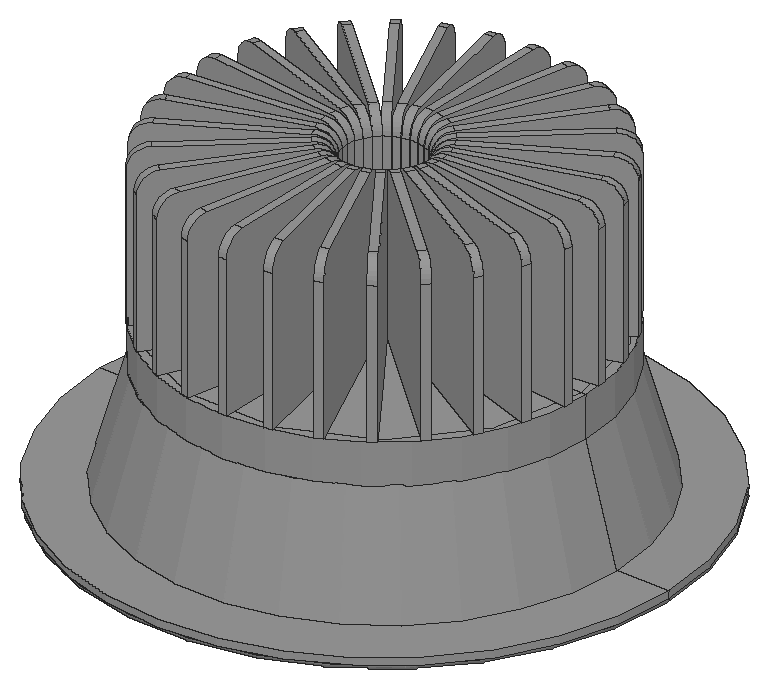
Revit family "WIL2_63_UN_Downlighter_ETK", category Lighting Fixtures, Revit 2017 (continued)
Definition of nested family "WIL.2 - Lightsource"
  Types (8, lengths in mm): name | Wattage Comments | Wattage | built-in parameter 1150134 | Photometric Web File | built-in parameter 1150142 | built-in parameter 1150105 | Lumens | built-in parameter 1150107 | built-in parameter 1150106 | Apparent Load
    WIL.2300.10 - LED 18W / 2425lm / 3000K | "18W" | 16.3254 W | (empty or 0) | "WIL.2300.10.ies" | "IESNA:LM-63-2002\r\n[TEST] /2016\r\n[TESTLAB] ies2eulumdat.appspot.com\r\n[ISSUEDATE] 2020-11-13T14:09:38.084\r\n[MANUFAC] www.etk.nl\r\n[LUMCAT] WIL.2300.10\r\n[LUMINAIRE] WIL.2 LED 18W 3000K helder wit Ø145 IP43\r\n[LAMPCAT] LED\r\n[LAMP] LED\r\nTILT=NONE\r\n1\t1945\t1\t19\t72\t1\t2\t-0.088\t-0.088\t0.001\r\n1.0\t1.0\t18.00\r\n0\t 5\t 10\t 15\t 20\t 25\t 30\t 35\t 40\t 45\r\n50\t 55\t 60\t 65\t 70\t 75\t 80\t 85\t 90\r\n0\t 5\t 10\t 15\t 20\t 25\t 30\t 35\t 40\t 45\r\n50\t 55\t 60\t 65\t 70\t 75\t 80\t 85\t 90\t 95\r\n100\t 105\t 110\t 115\t 120\t 125\t 130\t 135\t 140\t 145\r\n150\t 155\t 160\t 165\t 170\t 175\t 180\t 185\t 190\t 195\r\n200\t 205\t 210\t 215\t 220\t 225\t 230\t 235\t 240\t 245\r\n250\t 255\t 260\t 265\t 270\t 275\t 280\t 285\t 290\t 295\r\n300\t 305\t 310\t 315\t 320\t 325\t 330\t 335\t 340\t 345\r\n350\t 355\r\n1697.7516\t1669.9576\t1595.2306\t1452.3704\t1264.8335\t1150.4286\t948.0902\t799.9591\t632.4751\t284.3785\r\n52.8068\t44.7739\t35.6324\t24.3514\t22.3092\t17.0382\t15.9101\t8.8109\t1.1476\r\n1697.7516\t1670.366\t1596.1448\t1451.3979\t1263.2581\t1148.5614\t948.985\t801.6707\t634.1867\t292.5475\r\n53.2736\t45.1823\t35.6324\t24.3125\t22.8538\t16.5908\t15.8518\t8.8109\t1.1476\r\n1697.7516\t1671.2218\t1597.0006\t1451.3979\t1262.8496\t1145.4688\t948.596\t803.1878\t635.9956\t301.0471\r\n53.7209\t45.5714\t36.4299\t24.3125\t22.7954\t17.0382\t16.2797\t9.2193\t1.1476\r\n1697.7516\t1670.8133\t1595.7363\t1451.4757\t1263.6471\t1144.2241\t947.6429\t804.2381\t636.8514\t308.3019\r\n54.1099\t46.4661\t36.8578\t24.721\t22.7954\t17.0382\t16.2797\t9.6472\t1.2253\r\n1697.7516\t1671.5524\t1596.1448\t1451.3979\t1263.3553\t1142.2596\t947.7013\t805.6579\t638.0961\t316.471\r\n54.9852\t46.4272\t37.2273\t25.0711\t22.8538\t17.4467\t17.1549\t9.6472\t1.2253\r\n1697.7516\t1671.5524\t1596.6505\t1451.8063\t1262.5579\t1143.6989\t947.7791\t806.7666\t638.6213\t323.3562\r\n56.3272\t47.3218\t38.5305\t25.5379\t23.2622\t17.3883\t16.727\t9.6472\t1.2253\r\n1697.7516\t1673.9448\t1598.8289\t1451.8842\t1261.4298\t1144.1268\t949.6852\t806.8443\t640.3718\t331.0585\r\n57.2414\t48.1971\t39.3279\t25.5379\t23.7485\t17.4467\t16.727\t9.6472\t1.1476\r\n1697.7516\t1674.7228\t1597.8953\t1451.0478\t1261.4298\t1145.8384\t951.9219\t808.2642\t641.2859\t338.7801\r\n57.6498\t49.0529\t39.6975\t26.2964\t22.7954\t17.8162\t17.116\t10.5225\t1.1476\r\n1697.7516\t1676.3177\t1598.8483\t1451.9425\t1263.083\t1148.2308\t951.9802\t808.3225\t641.3249\t342.8646\r\n58.1166\t49.4808\t40.1253\t25.4795\t23.2622\t17.8162\t17.1549\t10.0946\t1.556\r\n1697.7516\t1677.5625\t1598.4399\t1452.0203\t1262.7523\t1150.2535\t955.0923\t808.3225\t640.8969\t346.5795\r\n58.5445\t49.8892\t40.5533\t25.8296\t23.7485\t17.7579\t17.1549\t10.0946\t1.556\r\n1697.7516\t1679.1574\t1598.8483\t1452.0203\t1264.3278\t1154.7076\t957.3874\t807.953\t641.7917\t354.6513\r\n58.5445\t49.8892\t40.9228\t26.6465\t23.7485\t17.7773\t17.5439\t10.0362\t1.556\r\n1697.7516\t1678.3794\t1599.354\t1453.0317\t1265.5337\t1156.7304\t960.0715\t808.0113\t643.4643\t361.1476\r\n58.5056\t50.3366\t41.3702\t26.2381\t23.7485\t17.7773\t17.116\t10.0946\t1.556\r\n1697.7516\t1679.6047\t1599.3346\t1453.0706\t1266.0005\t1157.4112\t962.2888\t809.3728\t645.6622\t366.3797\r\n58.953\t50.745\t41.7397\t26.2381\t23.6901\t18.2052\t17.5828\t9.6472\t1.556\r\n1697.7516\t1680.7329\t1599.8209\t1455.4435\t1269.9683\t1160.1342\t963.5725\t811.4929\t646.4597\t368.8304\r\n59.4198\t51.1924\t42.5372\t26.6465\t24.6237\t18.1663\t17.9913\t10.0751\t1.556\r\n1697.7516\t1681.1997\t1598.9651\t1456.3576\t1271.6216\t1163.1683\t966.2371\t812.8739\t647.3543\t371.5923\r\n59.8671\t51.1924\t42.5372\t27.055\t24.1569\t18.6136\t18.0301\t9.6472\t1.1476\r\n1697.7516\t1683.7281\t1600.3265\t1457.3302\t1273.2165\t1167.2334\t969.3102\t813.9242\t649.8828\t373.654\r\n59.8282\t51.1924\t43.4513\t27.055\t24.6237\t18.1663\t17.9913\t10.0751\t1.1476\r\n1697.7516\t1682.4056\t1600.735\t1456.3576\t1275.6671\t1171.3374\t971.5858\t817.7753\t652.4502\t374.8793\r\n59.8282\t51.6203\t43.3929\t27.4829\t24.6237\t18.1663\t17.5439\t10.0751\t1.1476\r\n1697.7516\t1684.8563\t1602.0965\t1457.2523\t1277.651\t1175.3246\t973.7642\t820.5761\t653.2672\t374.8015\r\n59.8282\t51.6203\t42.965\t27.4245\t24.6432\t18.2052\t17.5439\t9.6472\t1.2253\r\n1697.7516\t1685.6926\t1603.0301\t1457.8358\t1280.8992\t1177.289\t976.4289\t821.6264\t654.123\t375.6379\r\n59.8282\t51.5814\t43.8209\t27.4245\t24.1569\t18.6136\t17.5439\t9.6472\t1.2253\r\n1697.7516\t1684.8563\t1602.0965\t1457.2523\t1277.651\t1175.3246\t973.7642\t820.5761\t653.2672\t374.8015\r\n59.8282\t51.6203\t42.965\t27.4245\t24.6432\t18.2052\t17.5439\t9.6472\t1.2253\r\n1697.7516\t1682.4056\t1600.735\t1456.3576\t1275.6671\t1171.3374\t971.5858\t817.7753\t652.4502\t374.8793\r\n59.8282\t51.6203\t43.3929\t27.4829\t24.6237\t18.1663\t17.5439\t10.0751\t1.1476\r\n1697.7516\t1683.7281\t1600.3265\t1457.3302\t1273.2165\t1167.2334\t969.3102\t813.9242\t649.8828\t373.654\r\n59.8282\t51.1924\t43.4513\t27.055\t24.6237\t18.1663\t17.9913\t10.0751\t1.1476\r\n1697.7516\t1681.1997\t1598.9651\t1456.3576\t1271.6216\t1163.1683\t966.2371\t812.8739\t647.3543\t371.5923\r\n59.8671\t51.1924\t42.5372\t27.055\t24.1569\t18.6136\t18.0301\t9.6472\t1.1476\r\n1697.7516\t1680.7329\t1599.8209\t1455.4435\t1269.9683\t1160.1342\t963.5725\t811.4929\t646.4597\t368.8304\r\n59.4198\t51.1924\t42.5372\t26.6465\t24.6237\t18.1663\t17.9913\t10.0751\t1.556\r\n1697.7516\t1679.6047\t1599.3346\t1453.0706\t1266.0005\t1157.4112\t962.2888\t809.3728\t645.6622\t366.3797\r\n58.953\t50.745\t41.7397\t26.2381\t23.6901\t18.2052\t17.5828\t9.6472\t1.556\r\n1697.7516\t1678.3794\t1599.354\t1453.0317\t1265.5337\t1156.7304\t960.0715\t808.0113\t643.4643\t361.1476\r\n58.5056\t50.3366\t41.3702\t26.2381\t23.7485\t17.7773\t17.116\t10.0946\t1.556\r\n1697.7516\t1679.1574\t1598.8483\t1452.0203\t1264.3278\t1154.7076\t957.3874\t807.953\t641.7917\t354.6513\r\n58.5445\t49.8892\t40.9228\t26.6465\t23.7485\t17.7773\t17.5439\t10.0362\t1.556\r\n1697.7516\t1677.5625\t1598.4399\t1452.0203\t1262.7523\t1150.2535\t955.0923\t808.3225\t640.8969\t346.5795\r\n58.5445\t49.8892\t40.5533\t25.8296\t23.7485\t17.7579\t17.1549\t10.0946\t1.556\r\n1697.7516\t1676.3177\t1598.8483\t1451.9425\t1263.083\t1148.2308\t951.9802\t808.3225\t641.3249\t342.8646\r\n58.1166\t49.4808\t40.1253\t25.4795\t23.2622\t17.8162\t17.1549\t10.0946\t1.556\r\n1697.7516\t1674.7228\t1597.8953\t1451.0478\t1261.4298\t1145.8384\t951.9219\t808.2642\t641.2859\t338.7801\r\n57.6498\t49.0529\t39.6975\t26.2964\t22.7954\t17.8162\t17.116\t10.5225\t1.1476\r\n1697.7516\t1673.9448\t1598.8289\t1451.8842\t1261.4298\t1144.1268\t949.6852\t806.8443\t640.3718\t331.0585\r\n57.2414\t48.1971\t39.3279\t25.5379\t23.7485\t17.4467\t16.727\t9.6472\t1.1476\r\n1697.7516\t1671.5524\t1596.6505\t1451.8063\t1262.5579\t1143.6989\t947.7791\t806.7666\t638.6213\t323.3562\r\n56.3272\t47.3218\t38.5305\t25.5379\t23.2622\t17.3883\t16.727\t9.6472\t1.2253\r\n1697.7516\t1671.5524\t1596.1448\t1451.3979\t1263.3553\t1142.2596\t947.7013\t805.6579\t638.0961\t316.471\r\n54.9852\t46.4272\t37.2273\t25.0711\t22.8538\t17.4467\t17.1549\t9.6472\t1.2253\r\n1697.7516\t1670.8133\t1595.7363\t1451.4757\t1263.6471\t1144.2241\t947.6429\t804.2381\t636.8514\t308.3019\r\n54.1099\t46.4661\t36.8578\t24.721\t22.7954\t17.0382\t16.2797\t9.6472\t1.2253\r\n1697.7516\t1671.2218\t1597.0006\t1451.3979\t1262.8496\t1145.4688\t948.596\t803.1878\t635.9956\t301.0471\r\n53.7209\t45.5714\t36.4299\t24.3125\t22.7954\t17.0382\t16.2797\t9.2193\t1.1476\r\n1697.7516\t1670.366\t1596.1448\t1451.3979\t1263.2581\t1148.5614\t948.985\t801.6707\t634.1867\t292.5475\r\n53.2736\t45.1823\t35.6324\t24.3125\t22.8538\t16.5908\t15.8518\t8.8109\t1.1476\r\n1697.7516\t1669.9576\t1595.2306\t1452.3704\t1264.8335\t1150.4286\t948.0902\t799.9591\t632.4751\t284.3785\r\n52.8068\t44.7739\t35.6324\t24.3514\t22.3092\t17.0382\t15.9101\t8.8109\t1.1476\r\n1697.7516\t1670.366\t1596.1448\t1451.3979\t1263.2581\t1148.5614\t948.985\t801.6707\t634.1867\t292.5475\r\n53.2736\t45.1823\t35.6324\t24.3125\t22.8538\t16.5908\t15.8518\t8.8109\t1.1476\r\n1697.7516\t1671.2218\t1597.0006\t1451.3979\t1262.8496\t1145.4688\t948.596\t803.1878\t635.9956\t301.0471\r\n53.7209\t45.5714\t36.4299\t24.3125\t22.7954\t17.0382\t16.2797\t9.2193\t1.1476\r\n1697.7516\t1670.8133\t1595.7363\t1451.4757\t1263.6471\t1144.2241\t947.6429\t804.2381\t636.8514\t308.3019\r\n54.1099\t46.4661\t36.8578\t24.721\t22.7954\t17.0382\t16.2797\t9.6472\t1.2253\r\n1697.7516\t1671.5524\t1596.1448\t1451.3979\t1263.3553\t1142.2596\t947.7013\t805.6579\t638.0961\t316.471\r\n54.9852\t46.4272\t37.2273\t25.0711\t22.8538\t17.4467\t17.1549\t9.6472\t1.2253\r\n1697.7516\t1671.5524\t1596.6505\t1451.8063\t1262.5579\t1143.6989\t947.7791\t806.7666\t638.6213\t323.3562\r\n56.3272\t47.3218\t38.5305\t25.5379\t23.2622\t17.3883\t16.727\t9.6472\t1.2253\r\n1697.7516\t1673.9448\t1598.8289\t1451.8842\t1261.4298\t1144.1268\t949.6852\t806.8443\t640.3718\t331.0585\r\n57.2414\t48.1971\t39.3279\t25.5379\t23.7485\t17.4467\t16.727\t9.6472\t1.1476\r\n1697.7516\t1674.7228\t1597.8953\t1451.0478\t1261.4298\t1145.8384\t951.9219\t808.2642\t641.2859\t338.7801\r\n57.6498\t49.0529\t39.6975\t26.2964\t22.7954\t17.8162\t17.116\t10.5225\t1.1476\r\n1697.7516\t1676.3177\t1598.8483\t1451.9425\t1263.083\t1148.2308\t951.9802\t808.3225\t641.3249\t342.8646\r\n58.1166\t49.4808\t40.1253\t25.4795\t23.2622\t17.8162\t17.1549\t10.0946\t1.556\r\n1697.7516\t1677.5625\t1598.4399\t1452.0203\t1262.7523\t1150.2535\t955.0923\t808.3225\t640.8969\t346.5795\r\n58.5445\t49.8892\t40.5533\t25.8296\t23.7485\t17.7579\t17.1549\t10.0946\t1.556\r\n1697.7516\t1679.1574\t1598.8483\t1452.0203\t1264.3278\t1154.7076\t957.3874\t807.953\t641.7917\t354.6513\r\n58.5445\t49.8892\t40.9228\t26.6465\t23.7485\t17.7773\t17.5439\t10.0362\t1.556\r\n1697.7516\t1678.3794\t1599.354\t1453.0317\t1265.5337\t1156.7304\t960.0715\t808.0113\t643.4643\t361.1476\r\n58.5056\t50.3366\t41.3702\t26.2381\t23.7485\t17.7773\t17.116\t10.0946\t1.556\r\n1697.7516\t1679.6047\t1599.3346\t1453.0706\t1266.0005\t1157.4112\t962.2888\t809.3728\t645.6622\t366.3797\r\n58.953\t50.745\t41.7397\t26.2381\t23.6901\t18.2052\t17.5828\t9.6472\t1.556\r\n1697.7516\t1680.7329\t1599.8209\t1455.4435\t1269.9683\t1160.1342\t963.5725\t811.4929\t646.4597\t368.8304\r\n59.4198\t51.1924\t42.5372\t26.6465\t24.6237\t18.1663\t17.9913\t10.0751\t1.556\r\n1697.7516\t1681.1997\t1598.9651\t1456.3576\t1271.6216\t1163.1683\t966.2371\t812.8739\t647.3543\t371.5923\r\n59.8671\t51.1924\t42.5372\t27.055\t24.1569\t18.6136\t18.0301\t9.6472\t1.1476\r\n1697.7516\t1683.7281\t1600.3265\t1457.3302\t1273.2165\t1167.2334\t969.3102\t813.9242\t649.8828\t373.654\r\n59.8282\t51.1924\t43.4513\t27.055\t24.6237\t18.1663\t17.9913\t10.0751\t1.1476\r\n1697.7516\t1682.4056\t1600.735\t1456.3576\t1275.6671\t1171.3374\t971.5858\t817.7753\t652.4502\t374.8793\r\n59.8282\t51.6203\t43.3929\t27.4829\t24.6237\t18.1663\t17.5439\t10.0751\t1.1476\r\n1697.7516\t1684.8563\t1602.0965\t1457.2523\t1277.651\t1175.3246\t973.7642\t820.5761\t653.2672\t374.8015\r\n59.8282\t51.6203\t42.965\t27.4245\t24.6432\t18.2052\t17.5439\t9.6472\t1.2253\r\n1697.7516\t1685.6926\t1603.0301\t1457.8358\t1280.8992\t1177.289\t976.4289\t821.6264\t654.123\t375.6379\r\n59.8282\t51.5814\t43.8209\t27.4245\t24.1569\t18.6136\t17.5439\t9.6472\t1.2253\r\n1697.7516\t1684.8563\t1602.0965\t1457.2523\t1277.651\t1175.3246\t973.7642\t820.5761\t653.2672\t374.8015\r\n59.8282\t51.6203\t42.965\t27.4245\t24.6432\t18.2052\t17.5439\t9.6472\t1.2253\r\n1697.7516\t1682.4056\t1600.735\t1456.3576\t1275.6671\t1171.3374\t971.5858\t817.7753\t652.4502\t374.8793\r\n59.8282\t51.6203\t43.3929\t27.4829\t24.6237\t18.1663\t17.5439\t10.0751\t1.1476\r\n1697.7516\t1683.7281\t1600.3265\t1457.3302\t1273.2165\t1167.2334\t969.3102\t813.9242\t649.8828\t373.654\r\n59.8282\t51.1924\t43.4513\t27.055\t24.6237\t18.1663\t17.9913\t10.0751\t1.1476\r\n1697.7516\t1681.1997\t1598.9651\t1456.3576\t1271.6216\t1163.1683\t966.2371\t812.8739\t647.3543\t371.5923\r\n59.8671\t51.1924\t42.5372\t27.055\t24.1569\t18.6136\t18.0301\t9.6472\t1.1476\r\n1697.7516\t1680.7329\t1599.8209\t1455.4435\t1269.9683\t1160.1342\t963.5725\t811.4929\t646.4597\t368.8304\r\n59.4198\t51.1924\t42.5372\t26.6465\t24.6237\t18.1663\t17.9913\t10.0751\t1.556\r\n1697.7516\t1679.6047\t1599.3346\t1453.0706\t1266.0005\t1157.4112\t962.2888\t809.3728\t645.6622\t366.3797\r\n58.953\t50.745\t41.7397\t26.2381\t23.6901\t18.2052\t17.5828\t9.6472\t1.556\r\n1697.7516\t1678.3794\t1599.354\t1453.0317\t1265.5337\t1156.7304\t960.0715\t808.0113\t643.4643\t361.1476\r\n58.5056\t50.3366\t41.3702\t26.2381\t23.7485\t17.7773\t17.116\t10.0946\t1.556\r\n1697.7516\t1679.1574\t1598.8483\t1452.0203\t1264.3278\t1154.7076\t957.3874\t807.953\t641.7917\t354.6513\r\n58.5445\t49.8892\t40.9228\t26.6465\t23.7485\t17.7773\t17.5439\t10.0362\t1.556\r\n1697.7516\t1677.5625\t1598.4399\t1452.0203\t1262.7523\t1150.2535\t955.0923\t808.3225\t640.8969\t346.5795\r\n58.5445\t49.8892\t40.5533\t25.8296\t23.7485\t17.7579\t17.1549\t10.0946\t1.556\r\n1697.7516\t1676.3177\t1598.8483\t1451.9425\t1263.083\t1148.2308\t951.9802\t808.3225\t641.3249\t342.8646\r\n58.1166\t49.4808\t40.1253\t25.4795\t23.2622\t17.8162\t17.1549\t10.0946\t1.556\r\n1697.7516\t1674.7228\t1597.8953\t1451.0478\t1261.4298\t1145.8384\t951.9219\t808.2642\t641.2859\t338.7801\r\n57.6498\t49.0529\t39.6975\t26.2964\t22.7954\t17.8162\t17.116\t10.5225\t1.1476\r\n1697.7516\t1673.9448\t1598.8289\t1451.8842\t1261.4298\t1144.1268\t949.6852\t806.8443\t640.3718\t331.0585\r\n57.2414\t48.1971\t39.3279\t25.5379\t23.7485\t17.4467\t16.727\t9.6472\t1.1476\r\n1697.7516\t1671.5524\t1596.6505\t1451.8063\t1262.5579\t1143.6989\t947.7791\t806.7666\t638.6213\t323.3562\r\n56.3272\t47.3218\t38.5305\t25.5379\t23.2622\t17.3883\t16.727\t9.6472\t1.2253\r\n1697.7516\t1671.5524\t1596.1448\t1451.3979\t1263.3553\t1142.2596\t947.7013\t805.6579\t638.0961\t316.471\r\n54.9852\t46.4272\t37.2273\t25.0711\t22.8538\t17.4467\t17.1549\t9.6472\t1.2253\r\n1697.7516\t1670.8133\t1595.7363\t1451.4757\t1263.6471\t1144.2241\t947.6429\t804.2381\t636.8514\t308.3019\r\n54.1099\t46.4661\t36.8578\t24.721\t22.7954\t17.0382\t16.2797\t9.6472\t1.2253\r\n1697.7516\t1671.2218\t1597.0006\t1451.3979\t1262.8496\t1145.4688\t948.596\t803.1878\t635.9956\t301.0471\r\n53.7209\t45.5714\t36.4299\t24.3125\t22.7954\t17.0382\t16.2797\t9.2193\t1.1476\r\n1697.7516\t1670.366\t1596.1448\t1451.3979\t1263.2581\t1148.5614\t948.985\t801.6707\t634.1867\t292.5475\r\n53.2736\t45.1823\t35.6324\t24.3125\t22.8538\t16.5908\t15.8518\t8.8109\t1.1476" | 4019.6 (stored number, unit not read) | 2425 lm | 3000 (stored number, unit not read) | 40.196 (stored number, unit not read) | 18 VA
